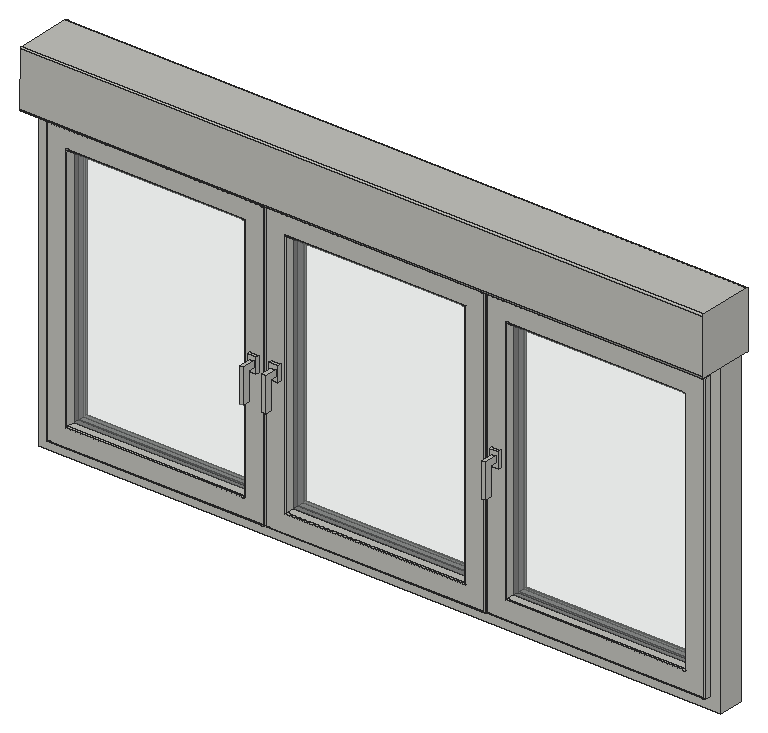
Revit family "2021_ES_Ventana_Replus_RE80-PVC-i30_1130X_BOX_3H_Cajon-Persiana", category Ventanas, Revit 2021 (continued)
Automatic sketch dimensions
  Sweep 24 sketch curve to Sweep 24 sketch curve = 18.500 mm
  Sweep 24 sketch curve to Sweep 24 sketch curve = 4.900 mm
  Sweep 24 sketch curve to plane 13 "Inset" = 18.500 mm
  Sweep 25 sketch curve to profile plane = 0.000 mm
  Sweep 25 sketch curve to Sweep 25 sketch curve = 31.000 mm
  Sweep 25 sketch curve to plane 13 "Inset" = 22.500 mm
  Sweep 25 sketch curve to Sweep 25 sketch curve = 4.000 mm
  Sweep 27 sketch curve to profile plane = 0.000 mm
  Sweep 27 sketch curve to plane 13 "Inset" = 98.500 mm
  Sweep 27 sketch curve to Sweep 27 sketch curve = 3.000 mm  (x2)
  Sweep 27 sketch curve to profile plane = 7.500 mm
  Sweep 27 sketch curve to Sweep 27 sketch curve = 15.500 mm
  Sweep 27 sketch curve to Sweep 27 sketch curve = 25.000 mm
  Sweep 27 sketch curve to Sweep 27 sketch curve = 28.500 mm
  Sweep 27 sketch curve to Sweep 27 sketch curve = 9.500 mm
  Sweep 27 sketch curve to Sweep 27 sketch curve = 10.000 mm
  Sweep 27 sketch curve to Sweep 27 sketch curve = 12.500 mm
  Sweep 27 sketch curve to Sweep 27 sketch curve = 7.500 mm
  Sweep 27 sketch curve to Sweep 27 sketch curve = 5.500 mm
  Sweep 27 sketch curve to Sweep 27 sketch curve = 7.495 mm
  Sweep 27 sketch curve to Sweep 27 sketch curve = 23.000 mm
  Sweep 27 sketch curve to Sweep 27 sketch curve = 18.000 mm
  curve 32 to plane 28 = 0.000 mm
  curve 33 to plane 29 = 0.000 mm
  curve 34 to plane 67 = 0.000 mm
  curve 30 to plane 14 = 70.000 mm
Nested families
  nested 1: "Handle" at (-35, -118.5, 1305) x (1, 0, 0) z (0, -1, 0), type "Handle", detail levels medium+fine
  nested 2: "Handle" at (35, -118.5, 1305) x (1, 0, 0) z (0, -1, 0), type "Handle", detail levels medium+fine
  nested 3: "Dimensions Overconstraint Warning" at (0, 500, 0), visible <- "Exceso Dimensiones", type "Dimensions Overconstraint Warning"
  nested 4: "Handle" at (745.8, -118.5, 1305) x (1, 0, 0) z (0, -1, 0), type "Handle", detail levels medium+fine
  nested 5: "Shutter Box - Replus" at (355.4, -82.5, 1805), type "Shutter Box - Replus"
    with Width 2200.000 mm
Definition of nested family "Handle"
  Parameters (values of type "Handle")
    Material = none
    Default Elevation = 1219.200 mm
  Reference planes
    plane 1 "Centre (avant/arrière)": y = 0
    plane 2: z = 0
    plane 3 "Centre (gauche/droite)": x = 0
    plane 4: z = 40
    plane 5: y = -100
    plane 6 "Plaque": z = 10
    plane 7: x = -6
  Forms (mm)
    Extrusion 1, solid
      sketch origin (0, 0, 0) x (1, 0, 0) y (0, 1, 0)
        loop
          line (-1219.2, 1219.2) -> (-1219.2, -1219.2) -> (1219.2, -1219.2) -> (1219.2, 1219.2) -> (-1219.2, 1219.2)
      from 0 to -304.8
    Extrusion 2, solid, material <- "Material"
      sketch origin (0, 0, 0) x (1, 0, 0) y (0, 1, 0)
        loop
          line (-14.231, 24.783) -> (-14.231, -24.783) -> (14.231, -24.783) -> (14.231, 24.783) -> (-14.231, 24.783)
      from 0 to 10
    Sweep 3, solid, material <- "Material"
      path origin (0, 0, 0) x (0, 1, 0) y (0, 0, 1)
        loop
          line (0, 10) -> (0, 40) -> (-100, 40)
      profile origin (0, 0, 25) x (0, -1, 0) y (1, 0, 0)
        loop
          line (10, -6) -> (10, 6) -> (-10, 6) -> (-10, -6) -> (10, -6)
  Dimensions and locks
    plane 4 to plane 2 = 40.000 mm
    plane 5 to plane 1 "Centre (avant/arrière)" = 100.000 mm
    equal spacing: Extrusion 2 sketch curve, plane 3 "Centre (gauche/droite)", Extrusion 2 sketch curve
    equal spacing: Extrusion 2 sketch curve, plane 1 "Centre (avant/arrière)", Extrusion 2 sketch curve
    Extrusion 2 sketch curve to Extrusion 2 sketch curve = 28.462 mm
    Extrusion 2 sketch curve to Extrusion 2 sketch curve = 49.566 mm
    locked: plane 7 to plane 3 "Centre (gauche/droite)" at 6
    aligned and locked: plane 2 to Extrusion 1
    aligned and locked: level to Extrusion 1
    aligned and locked: plane 6 "Plaque" to Extrusion 2
    aligned and locked: plane 6 "Plaque" to Sweep 3 sketch curve
    aligned and locked: plane 5 to Sweep 3 sketch curve
    aligned and locked: Sweep 3 sketch curve to plane 4
    aligned and locked: Sweep 3 sketch curve to plane 1 "Centre (avant/arrière)"
Definition of nested family "Shutter Box - Replus"
  Parameters (values of type "Shutter Box - Replus")
    Width = 1200.000 mm
    Shutter Box Material = none
    Default Elevation = 0.000 mm
  Reference planes
    plane 1 "Center (Front/Back)": y = 0
    plane 2: z = 0
    plane 3 "Center (Left/Right)": x = 0
    plane 4: x = -600
    plane 5: x = 600
  Forms (mm)
    Sweep 1, solid, material <- "Shutter Box Material", detail levels fine
      path origin (0, 0, 0) x (1, 0, 0) y (0, 1, 0)
        loop
          line (-600, 0) -> (600, 0)
      profile origin (0, 0, 0) x (0, 1, 0) y (0, 0, 1)
        loop
          line (0, 0) -> (87.5, 0)
          arc (87.5, 0) -> (91.036, 1.464) -> (92.5, 5) r 5
          line (92.5, 5) -> (92.5, 180)
          arc (92.5, 180) -> (91.036, 183.536) -> (87.5, 185) r 5
          line (87.5, 185) -> (-87.5, 185)
          arc (-87.5, 185) -> (-91.036, 183.536) -> (-92.5, 180) r 5
          line (-92.5, 180) -> (-92.5, 5)
          arc (-92.5, 5) -> (-91.036, 1.464) -> (-87.5, 0) r 5
          line (-87.5, 0) -> (0, 0)
    Sweep 2, solid, material <- "Shutter Box Material", detail levels coarse+medium
      path origin (0, 0, 0) x (1, 0, 0) y (0, 1, 0)
        loop
          line (-600, 0) -> (600, 0)
      profile origin (0, 0, 0) x (0, 1, 0) y (0, 0, 1)
        loop
          line (92.5, 0) -> (92.5, 185) -> (-92.5, 185) -> (-92.5, 0) -> (92.5, 0)
  Dimensions and locks
    equal spacing: plane 4, plane 3 "Center (Left/Right)", plane 5
    "Width": plane 4 to plane 5
    aligned and locked: level to plane 2
    aligned and locked: plane 1 "Center (Front/Back)" to Sweep 1 sketch curve  (x2)
    aligned and locked: plane 4 to Sweep 1 sketch curve
    aligned and locked: plane 5 to Sweep 1 sketch curve
    aligned and locked: plane 1 "Center (Front/Back)" to Sweep 2 sketch curve  (x2)
    aligned and locked: plane 4 to Sweep 2 sketch curve
    aligned and locked: plane 5 to Sweep 2 sketch curve
  Automatic sketch dimensions
    Sweep 1 sketch curve to level = 0.000 mm
    Sweep 1 sketch curve to profile plane = 0.000 mm
    profile plane to Sweep 1 sketch curve = 87.500 mm  (x2)
    Sweep 1 sketch curve to Sweep 1 sketch curve = 5.000 mm
    Sweep 1 sketch curve to profile plane = 87.500 mm  (x2)
    level to Sweep 1 sketch curve = 5.000 mm
    Sweep 1 sketch curve to Sweep 1 sketch curve = 175.000 mm
    profile plane to Sweep 2 sketch curve = 92.500 mm
    Sweep 2 sketch curve to profile plane = 92.500 mm
    level to Sweep 2 sketch curve = 0.000 mm
    Sweep 2 sketch curve to Sweep 2 sketch curve = 185.000 mm
Definition of nested family "Dimensions Overconstraint Warning"
  Parameters (values of type "Dimensions Overconstraint Warning")
    Warning = "!"
    W warning = "300<Height<2250"
    Turn off notification = "For other dimensions, please contact K.Line/ Turn off notification"
    Text = "DIMENSIONS OVERCONSTRAINT"
    H warning = "300 mm<Width<1000 mm"
  Reference planes
    plane 1: y = 0
    plane 2: x = 0
  Lines and regions (mm)
    Filled region 1, type "Filled region 1"
      outline origin (0, 0, 0) x (1, 0, 0) y (0, 1, 0)
        loop
          line (0, 4.243) -> (-4.243, 0) -> (0, -4.243) -> (4.243, 0) -> (0, 4.243)
  Text (mm)
    label "!" at (-0.078, 0.428, 0), shows "Warning"
    label "DIMENSION OVERCONSTRAINT" at (1.291, -15.948, 0), shows "Text"
